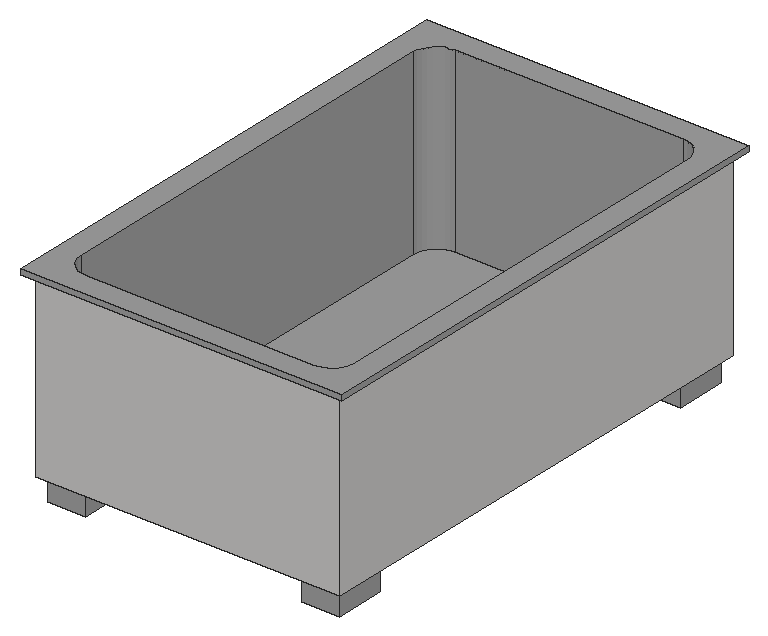
Revit family "QF_Vollrath 72020", category Specialty Equipment, Revit 2016
Family settings
  Part Type = Normal
  Round Connector Dimension = Use Diameter
  OmniClass Number = 23.40.40.11.31
  OmniClass Title = Steam Tables
  Work Plane-Based = No
  Always vertical = Yes
  Cut with Voids When Loaded = No
  Shared = No
  Room Calculation Point = No
Parameters (values of type "72020")
  Width = 13.75"
  Weight in Pounds = 19.65
  Watts = 1000 W
  Watermarked By = "http://revitwatermark.com"
  Volts = 120 V
  URL Cutsheet = ""
  URL = "www.vollrathco.com"
  Status [instance] = ""
  Specification by User [instance] = ""
  Specification by Manufacturer = ""
  Serial Number [instance] = ""
  Seismic Rating [instance] = ""
  Revision Code [instance] = ""
  Phase = 1
  Number of Poles [instance] = 1
  NAFEM Spec ID Number [instance] = ""
  Model = "72020"
  Masterspec = ""
  Manufacturer = "Vollrath"
  Leg Height = 1.00"
  Item Number [instance] = ""
  Installed By [instance] = ""
  Height AFF [instance] = 36.00"
  Height = 9.00"
  Furnished By [instance] = ""
  Foodservice Equipment Identifier [instance] = yes
  FL Amps = 8.3 A
  Electrical Remarks [instance] = ""
  Electric Connection Type [instance] = ""
  Elec Conn RI Height = 0.00"
  Elec Conn Connection Height = 2.00"
  Description = "Rethermalizer, Warmer"
  Depth = 21.75"
  Cycle = 60 Hz
  Conn Plug = "NEMA 5-15P"
  CSI MasterFormat = "11 42 13"
  Assembly Code = "E1090320"
  Apparent Power = if(Phase = 3, Volts * FL Amps * 1.73, Volts * FL Amps)  # 996 VA
Reference planes (in)
  plane 1: z = 0
  plane 2 "LEFT": x = 48
  plane 3 "BACK": y = -48
  plane 4 "BOTTOM": z = 36
  plane 5 "RIGHT": x = 61.75
  plane 6 "FRONT": y = -69.75
  plane 7 "TOP": z = 45
  plane 8: z = 37
  plane 9: x = 60.75
  plane 10: x = 49
  plane 11: y = -49
  plane 12: y = -68.75
  plane 13: x = 61.37
  plane 14: x = 48.38
  plane 15: y = -48.38
  plane 16: y = -69.37
  plane 17: x = 60.88
  plane 18: x = 48.87
  plane 19: y = -48.87
  plane 20: y = -68.88
  plane 21: z = 37.26444
  plane 22: z = 44.78767
  plane 23: y = -50.83036
  plane 24: x = 50.25
  plane 25: x = 54.875
  plane 26: y = -58.875
  plane 27: y = -48.67395
  plane 28: x = 48.63915
  plane 29: y = -50.83036
  plane 30: x = 59.5
  plane 31: y = -48.67395
  plane 32: x = 61.11085
  plane 33: y = -66.91964
  plane 34: x = 50.25
  plane 35: y = -69.07605
  plane 36: x = 48.63915
  plane 37: y = -66.91964
  plane 38: x = 59.5
  plane 39: y = -69.07605
  plane 40: x = 61.11085
Forms (in)
  Extrusion 1, solid, material "QF_Finishes_Grey"
    sketch origin (0, 0, 0) x (1, 0, 0) y (0, 1, 0)
      loop
        line (48, -48) -> (48, -69.75) -> (61.75, -69.75) -> (61.75, -48) -> (48, -48)
      loop
        arc (50, -49) -> (49.29289, -49.29289) -> (49, -50) r 1
        line (49, -50) -> (49, -67.75)
        arc (49, -67.75) -> (49.29289, -68.45711) -> (50, -68.75) r 1
        line (50, -68.75) -> (59.75, -68.75)
        arc (59.75, -68.75) -> (60.45711, -68.45711) -> (60.75, -67.75) r 1
        line (60.75, -67.75) -> (60.75, -50)
        arc (60.75, -50) -> (60.45711, -49.29289) -> (59.75, -49) r 1
        line (59.75, -49) -> (50, -49)
    from 44.78767 to 45
  Extrusion 2, solid, material "QF_Finishes_Stainless Steel"
    sketch origin (0, 0, 0) x (1, 0, 0) y (0, 1, 0)
      loop
        line (48.38, -48.38) -> (48.38, -69.37) -> (61.37, -69.37) -> (61.37, -48.38) -> (48.38, -48.38)
      loop
        line (48.87, -50) -> (48.87, -67.75)
        arc (48.87, -67.75) -> (49.20097, -68.54903) -> (50, -68.88) r 1.13
        line (50, -68.88) -> (59.75, -68.88)
        arc (59.75, -68.88) -> (60.54903, -68.54903) -> (60.88, -67.75) r 1.13
        line (60.88, -67.75) -> (60.88, -50)
        arc (60.88, -50) -> (60.54903, -49.20097) -> (59.75, -48.87) r 1.13
        line (59.75, -48.87) -> (50, -48.87)
        arc (50, -48.87) -> (49.20097, -49.20097) -> (48.87, -50) r 1.13
    from 37 to 44.78767
  Extrusion 3, solid, material "QF_Finishes_Grey"
    sketch origin (0, 0, 0) x (1, 0, 0) y (0, 1, 0)
      loop
        line (49, -50) -> (49, -67.75)
        arc (49, -67.75) -> (49.29289, -68.45711) -> (50, -68.75) r 1
        line (50, -68.75) -> (59.75, -68.75)
        arc (59.75, -68.75) -> (60.45711, -68.45711) -> (60.75, -67.75) r 1
        line (60.75, -67.75) -> (60.75, -50)
        arc (60.75, -50) -> (60.45711, -49.29289) -> (59.75, -49) r 1
        line (59.75, -49) -> (50, -49)
        arc (50, -49) -> (49.29289, -49.29289) -> (49, -50) r 1
      loop
        line (48.87, -50) -> (48.87, -67.75)
        arc (48.87, -67.75) -> (49.20097, -68.54903) -> (50, -68.88) r 1.13
        line (50, -68.88) -> (59.75, -68.88)
        arc (59.75, -68.88) -> (60.54903, -68.54903) -> (60.88, -67.75) r 1.13
        line (60.88, -67.75) -> (60.88, -50)
        arc (60.88, -50) -> (60.54903, -49.20097) -> (59.75, -48.87) r 1.13
        line (59.75, -48.87) -> (50, -48.87)
        arc (50, -48.87) -> (49.20097, -49.20097) -> (48.87, -50) r 1.13
    from 37 to 45
  Extrusion 4, solid, material "QF_Finishes_Grey"
    sketch origin (0, 0, 0) x (1, 0, 0) y (0, 1, 0)
      loop
        line (48.87, -50) -> (48.87, -67.75)
        arc (48.87, -67.75) -> (49.20097, -68.54903) -> (50, -68.88) r 1.13
        line (50, -68.88) -> (59.75, -68.88)
        arc (59.75, -68.88) -> (60.54903, -68.54903) -> (60.88, -67.75) r 1.13
        line (60.88, -67.75) -> (60.88, -50)
        arc (60.88, -50) -> (60.54903, -49.20097) -> (59.75, -48.87) r 1.13
        line (59.75, -48.87) -> (50, -48.87)
        arc (50, -48.87) -> (49.20097, -49.20097) -> (48.87, -50) r 1.13
    from 37 to 37.26444
  Extrusion 5, solid, material "QF_Finishes_Grey"
    sketch origin (0, 0, 0) x (1, 0, 0) y (0, 1, 0)
      loop
        line (48.63915, -48.67395) -> (48.63915, -50.83036) -> (50.25, -50.83036) -> (50.25, -48.67395) -> (48.63915, -48.67395)
    from 36 to 37
  Extrusion 6, solid, material "QF_Finishes_Grey"
    sketch origin (109.75, 0, 0) x (-1, 0, 0) y (0, -1, 0)
      loop
        line (48.63915, 48.67395) -> (50.25, 48.67395) -> (50.25, 50.83036) -> (48.63915, 50.83036) -> (48.63915, 48.67395)
    from 36 to 37
  Extrusion 7, solid, material "QF_Finishes_Grey"
    sketch origin (0, -117.75, 0) x (1, 0, 0) y (0, 1, 0)
      loop
        line (48.63915, 48.67395) -> (50.25, 48.67395) -> (50.25, 50.83036) -> (48.63915, 50.83036) -> (48.63915, 48.67395)
    from 36 to 37
  Extrusion 8, solid, material "QF_Finishes_Grey"
    sketch origin (109.75, -117.75, 0) x (-1, 0, 0) y (0, -1, 0)
      loop
        line (48.63915, -48.67395) -> (48.63915, -50.83036) -> (50.25, -50.83036) -> (50.25, -48.67395) -> (48.63915, -48.67395)
    from 36 to 37
  Extrusion 9, solid, material "QF_Finishes_Stainless Steel"
    sketch origin (0, -48, 0) x (1, 0, 0) y (0, 0, 1)
      loop
        circle (50.25, 37.90229) r 0.25
    from 0 to 0.38
Cuts and joins
  joined: Extrusion 1, Extrusion 3
Lines and regions (in)
  symbolic lines
    curve 1: line (61.75, -48, 0) -> (48, -48, 0)
    curve 2: line (61.75, -69.75, 0) -> (61.75, -48, 0)
    curve 3: line (48, -69.75, 0) -> (61.75, -69.75, 0)
    curve 4: line (48, -48, 0) -> (48, -69.75, 0)
    curve 5: arc (50, -68.75, 0) -> (49.29289, -68.45711, 0) -> (49, -67.75, 0) r 1
    curve 6: line (49, -67.75, 0) -> (49, -50, 0)
    curve 7: line (59.75, -68.75, 0) -> (50, -68.75, 0)
    curve 8: arc (60.75, -67.75, 0) -> (60.45711, -68.45711, 0) -> (59.75, -68.75, 0) r 1
    curve 9: line (60.75, -50, 0) -> (60.75, -67.75, 0)
    curve 10: arc (59.75, -49, 0) -> (60.45711, -49.29289, 0) -> (60.75, -50, 0) r 1
    curve 11: line (50, -49, 0) -> (59.75, -49, 0)
    curve 12: arc (49, -50, 0) -> (49.29289, -49.29289, 0) -> (50, -49, 0) r 1
Dimensions and locks (in)
  "Height AFF": plane 4 "BOTTOM" to level
  "Depth": plane 6 "FRONT" to plane 3 "BACK"
  "Height": plane 7 "TOP" to plane 4 "BOTTOM"
  "Leg Height": plane 8 to plane 4 "BOTTOM"
  locked: plane 21 to plane 8 at 0.26444
  locked: plane 7 "TOP" to plane 22 at 0.21233
  plane 3 "BACK" to Extrusion 1 = 21.75"
  equal spacing: plane 6 "FRONT", plane 26, plane 3 "BACK"
  equal spacing: plane 2 "LEFT", plane 25, plane 5 "RIGHT"
  "Width": plane 2 "LEFT" to plane 5 "RIGHT"
  radius of Extrusion 1 sketch curve = 1.00"
  aligned and locked: level to plane 1
  aligned and locked: plane 3 "BACK" to Extrusion 1 sketch curve
  aligned and locked: plane 2 "LEFT" to Extrusion 1 sketch curve
  aligned and locked: plane 6 "FRONT" to Extrusion 1 sketch curve
  aligned and locked: Extrusion 1 sketch curve to plane 5 "RIGHT"
  aligned and locked: plane 11 to Extrusion 1 sketch curve
  aligned and locked: plane 10 to Extrusion 1 sketch curve
  aligned and locked: plane 12 to Extrusion 1 sketch curve
  aligned and locked: Extrusion 1 sketch curve to plane 9
  aligned and locked: plane 15 to Extrusion 2 sketch curve
  aligned and locked: plane 14 to Extrusion 2 sketch curve
  aligned and locked: plane 16 to Extrusion 2 sketch curve
  aligned and locked: Extrusion 2 sketch curve to plane 13
  aligned and locked: Extrusion 3 sketch curve to Extrusion 1  (x4)
  aligned and locked: plane 20 to Extrusion 2
  aligned and locked: plane 18 to Extrusion 2
  aligned and locked: Extrusion 2 to plane 19
  aligned and locked: plane 17 to Extrusion 2
  aligned and locked: Extrusion 3 sketch curve to Extrusion 2  (x4)
  aligned and locked: Extrusion 4 to plane 8
  aligned and locked: Extrusion 3 to plane 8
  aligned and locked: plane 21 to Extrusion 4
  aligned and locked: Extrusion 2 to plane 8
  aligned and locked: Extrusion 1 to Extrusion 2
  aligned and locked: plane 7 "TOP" to Extrusion 1
  aligned and locked: Extrusion 1 to plane 22
  aligned: Extrusion 3 to Extrusion 4
  aligned and locked: Extrusion 1 to Extrusion 3
  aligned and locked: Extrusion 5 sketch curve to plane 27
  aligned and locked: plane 28 to Extrusion 5 sketch curve
  aligned and locked: plane 23 to Extrusion 5 sketch curve
  aligned and locked: plane 24 to Extrusion 5 sketch curve
  aligned and locked: plane 31 to Extrusion 6 sketch curve
  aligned and locked: Extrusion 6 sketch curve to plane 32
  aligned and locked: Extrusion 6 sketch curve to plane 29
  aligned and locked: Extrusion 6 sketch curve to plane 30
  aligned and locked: plane 35 to Extrusion 7 sketch curve
  aligned and locked: Extrusion 7 sketch curve to plane 36
  aligned and locked: Extrusion 7 sketch curve to plane 33
  aligned and locked: Extrusion 7 sketch curve to plane 34
  aligned and locked: Extrusion 8 sketch curve to plane 39
  aligned and locked: plane 40 to Extrusion 8 sketch curve
  aligned and locked: plane 37 to Extrusion 8 sketch curve
  aligned and locked: plane 38 to Extrusion 8 sketch curve
  aligned and locked: plane 8 to Extrusion 7
  aligned and locked: Extrusion 7 to plane 4 "BOTTOM"
  aligned and locked: plane 8 to Extrusion 5
  aligned and locked: Extrusion 5 to plane 4 "BOTTOM"
  aligned and locked: plane 8 to Extrusion 8
  aligned and locked: Extrusion 8 to plane 4 "BOTTOM"
  aligned and locked: plane 8 to Extrusion 6
  aligned and locked: Extrusion 6 to plane 4 "BOTTOM"
Automatic sketch dimensions
  Extrusion 1 sketch curve to plane 12 = 0.00"
  plane 24 to Extrusion 1 sketch curve = 0.25"
  plane 30 to Extrusion 1 sketch curve = 0.25"  (x2)
  Extrusion 2 sketch curve to plane 18 = 0.00"
  Extrusion 2 sketch curve to plane 20 = 0.00"
  Extrusion 2 sketch curve to plane 19 = 0.00"
  Extrusion 2 sketch curve to plane 17 = 0.00"
  plane 24 to Extrusion 2 sketch curve = 0.25"  (x2)
  plane 30 to Extrusion 2 sketch curve = 0.25"  (x2)
  plane 24 to Extrusion 9 sketch curve = 0.00"
  plane 21 to Extrusion 9 sketch curve = 0.63785"
  curve 1 to plane 2 "LEFT" = 0.00"
  curve 5 to plane 10 = 0.00"
  curve 7 to plane 12 = 0.00"
  curve 2 to plane 5 "RIGHT" = 0.00"
  curve 3 to plane 6 "FRONT" = 0.00"
  plane 3 "BACK" to curve 2 = 0.00"
  plane 24 to curve 7 = 0.25"
  plane 30 to curve 7 = 0.25"
  curve 8 to plane 9 = 0.00"
  plane 23 to curve 9 = 0.83036"
  plane 11 to curve 10 = 0.00"
  plane 24 to curve 11 = 0.25"
  radius of Extrusion 9 sketch curve = 0.25"
Connectors (in)
  electrical at (50.25, -48, 37.90229), driven by "Number of Poles", driven by "Volts", driven by "Apparent Power"
    settings: on Extrusion 9, index 1, voltage 120 V, apparent load 996 VA, apparent load phase1 0 VA, apparent load phase2 0 VA, apparent load phase3 0 VA, power factor 1, load classification "Other", number of poles 1, system type 30, power factor state 1, is connector primary yes, connector utility no, sub classification motor no, connector description "Electric Connection"
